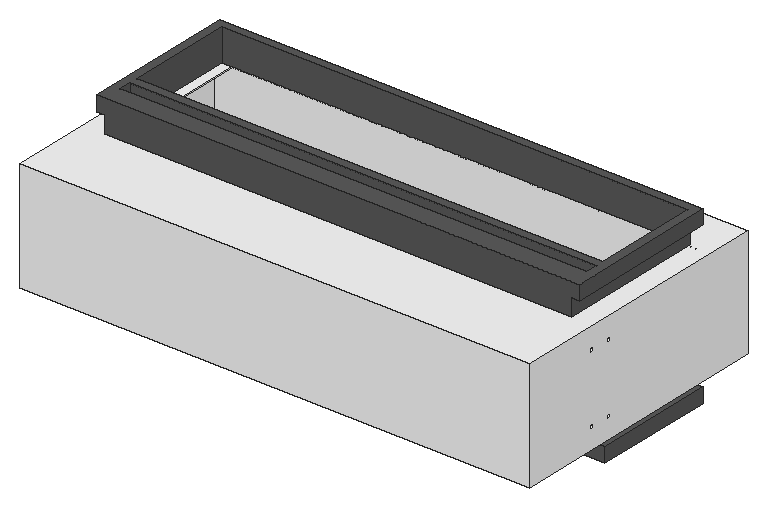
Revit family "C Series - C720STIO - Front Intake", category Generic Models, host Face, Revit 2019
Family settings
  Host = Face
  Can host rebar = No
  Round Connector Dimension = Use Diameter
  Part Type = Normal
  Cut with Voids When Loaded = Yes
  Shared = Yes
  Room Calculation Point = No
Parameters (values of type "As Specified")
  URL = "https://www.montigo.com/"
  Top Offset Right = 0"
  Top Offset Left = 0"
  Manufacturer Website = "https://www.montigo.com/"
  Manufacturer Phone - Toll Free = "800-378-3115"
  Manufacturer Phone = ""
  Manufacturer Fax = ""
  Manufacturer Address = "27342 Gloucester Way  Langley, BC, Canada   V4W 4A1"
  Manufacturer = "Montigo"
  Length = 96 3/16"
  Intake Duct Offset = 6"
  Height = 51 113/256"
  HVAC_Exit Diameter = 8"
  HVAC_Entry Diameter = 7"
  HVAC_BTU Output = 0.0 Btu/h
  HVAC_BTU Input = 0.0 Btu/h
  Glazing Tint = Glass - Montigo - Tint as Specified
  Frame Material = Metal - Montigo - Black
  Firebox Material = Metal - Montigo - White
  Fire Place Opening Length = 43"
  Fire Place Opening = 29"
  Description = "Montigo Fireplace as Specified"
  Depth = 20 225/256"
  Default Elevation = 48"
  COOLPack Consumption = 1200 CFM
  Base Offset Right = 9"
  Base Offset Left = 9"
  Base Offset = 1"
  Base Height = 15"
  Assembly Code = "D3020"
Reference planes (in)
  plane 1 "Center (Front/Back)": y = 0
  plane 2: z = 0
  plane 3 "Center (Left/Right)": x = 0
  plane 4: x = -48.09375
  plane 5: x = 48.09375
  plane 6: y = 25.7207
  plane 7: y = -25.7207
  plane 8: y = -10.7207
  plane 9: z = 0
  plane 10: z = -20.87891
  plane 11: z = -10.43945
  plane 12: x = -45.5
  plane 13: x = 45.5
  plane 14: y = 18.2793
Forms (in)
  Extrusion 1, solid, material "Metal - Montigo - White" <- "Firebox Material"
    sketch origin (-60.41868, -180, 0) x (-1, 0, 0) y (0, -1, 0)
      loop
        line (-12.32493, -205.7207) -> (-12.32493, -154.2793) -> (-108.51243, -154.2793) -> (-108.51243, -205.7207) -> (-12.32493, -205.7207)
    from 0 to -20.87891
  Extrusion 2, solid, material "Metal - Montigo - Black" <- "Frame Material"
    sketch origin (-60.41868, -180, 0) x (-1, 0, 0) y (0, -1, 0)
      loop
        line (-14.91868, -198.2793) -> (-14.91868, -169.2793) -> (-105.91868, -169.2793) -> (-105.91868, -198.2793) -> (-14.91868, -198.2793)
    from 0 to 6
  Sweep 3, void
    path in 3D
      loop
        line (45.5, -10.7207, 6) -> (45.5, 18.2793, 6) -> (-45.5, 18.2793, 6) -> (-45.5, -10.7207, 6)
    profile origin (45.5, 3.7793, 6) x (-1, 0, 0) y (0, 0, 1)
      loop
        line (0, -6) -> (1.375, -6) -> (1.375, -2.75) -> (0, -2.75) -> (0, -6)
  Extrusion 4, void
    sketch origin (-60.41868, -180, 0) x (0, -1, 0) y (-1, 0, 0)
      loop
        line (-196.7168, -14.91868) -> (-196.7168, -105.91868) -> (-176.7168, -105.91868) -> (-176.7168, -14.91868) -> (-196.7168, -14.91868)
    from 0.125 to 20.75
  Extrusion 5, void
    sketch origin (-60.41868, -180, 0) x (0, -1, 0) y (-1, 0, 0)
      loop
        line (-196.7168, -16.41868) -> (-196.7168, -104.41868) -> (-176.7168, -104.41868) -> (-176.7168, -16.41868) -> (-196.7168, -16.41868)
    from -6 to 0
  Extrusion 6, void
    sketch origin (-60.41868, -180, 0) x (0, -1, 0) y (-1, 0, 0)
      loop
        line (-196.7168, -18.41868) -> (-196.7168, -102.41868) -> (-176.7168, -102.41868) -> (-176.7168, -18.41868) -> (-196.7168, -18.41868)
    from -1 to 1
  Extrusion 7, void
    sketch origin (-60.41868, -180, 0) x (0, -1, 0) y (-1, 0, 0)
      loop
        line (-175.2168, -16.41868) -> (-175.2168, -104.41868) -> (-172.8418, -104.41868) -> (-172.8418, -16.41868) -> (-175.2168, -16.41868)
    from -6 to -3.25
  Extrusion 8, void
    sketch origin (0, -1.69589, -0.88973) x (0, 1, 0) y (0, 0, 1)
      loop
        circle (-9.46231, -16.05168) r 0.4375
      loop
        circle (-5.46231, -16.05168) r 0.4375
      loop
        circle (-9.46231, -3.05168) r 0.4375
      loop
        circle (-5.46231, -3.05168) r 0.4375
    from 48.09375 to 47.46962
  Extrusion 9, solid, material "Metal - Montigo - Black" <- "Frame Material"
    sketch origin (-60.41868, -180, -20.87891) x (0, 1, 0) y (1, 0, 0)
      loop
        line (198.2793, 14.91868) -> (198.2793, 105.91868) -> (175.2793, 105.91868) -> (175.2793, 14.91868) -> (198.2793, 14.91868)
    from 0 to 6
  Sweep 10, void
    path in 3D
      loop
        line (45.5, -10.7207, -26.87891) -> (45.5, 18.2793, -26.87891) -> (-45.5, 18.2793, -26.87891) -> (-45.5, -10.7207, -26.87891)
    profile origin (45.5, 3.7793, -26.87891) x (1, 0, 0) y (0, 0, -1)
      loop
        line (0, -6) -> (0, -2.75) -> (-1.375, -2.75) -> (-1.375, -6) -> (0, -6)
  Extrusion 11, void
    sketch origin (-60.41868, -180, -20.87891) x (1, 0, 0) y (0, 1, 0)
      loop
        line (16.41868, 196.7168) -> (16.41868, 176.7168) -> (104.41868, 176.7168) -> (104.41868, 196.7168) -> (16.41868, 196.7168)
    from -6 to 0
  Extrusion 12, void
    sketch origin (-60.41868, -180, -20.87891) x (1, 0, 0) y (0, 1, 0)
      loop
        line (18.41868, 196.7168) -> (18.41868, 176.7168) -> (102.41868, 176.7168) -> (102.41868, 196.7168) -> (18.41868, 196.7168)
    from -1 to 1
Cuts and joins
  Sweep 3, Extrusion 4, Extrusion 5, Extrusion 7, Sweep 10, Extrusion 11, Extrusion 12 cuts Extrusion 2
  Extrusion 4, Extrusion 5, Extrusion 6, Extrusion 7, Extrusion 8, Sweep 10, Extrusion 11, Extrusion 12 cuts Extrusion 1
  Sweep 10, Extrusion 11 cuts Extrusion 9
Lines and regions (in)
  symbolic lines
    curve 1: line (44.125, 53.21644, 0) -> (44.125, 49.96644, 0)
    curve 2: line (44.125, 49.96644, 0) -> (45.5, 49.96644, 0)
    curve 6: line (-44, -7.1582, 0) -> (44, -7.1582, 0)
    curve 7: line (44, -4.7832, 0) -> (-44, -4.7832, 0)
    curve 8: line (-44, -4.7832, 0) -> (-44, -7.1582, 0)
    curve 9: line (44, -4.7832, 0) -> (44, -7.1582, 0)
    curve 10: line (44, 16.7168, 0) -> (44, -3.2832, 0)
    curve 11: line (-44, -3.2832, 0) -> (-44, 16.7168, 0)
  sketch lines
    curve 3: line (45.5, -10.7207, 6) -> (45.5, 18.2793, 6)
    curve 4: line (45.5, 18.2793, 6) -> (-45.5, 18.2793, 6)
    curve 5: line (-45.5, 18.2793, 6) -> (-45.5, -10.7207, 6)
    curve 12: line (45.5, -10.7207, -26.87891) -> (45.5, 18.2793, -26.87891)
    curve 13: line (45.5, 18.2793, -26.87891) -> (-45.5, 18.2793, -26.87891)
    curve 14: line (-45.5, 18.2793, -26.87891) -> (-45.5, -10.7207, -26.87891)
Dimensions and locks (in)
  equal spacing: plane 4, plane 3 "Center (Left/Right)", plane 5
  "Length": plane 4 to plane 5
  equal spacing: plane 7, plane 1 "Center (Front/Back)", plane 6
  "Height": plane 7 to plane 6
  "Base Height": plane 7 to plane 8
  "Depth": plane 9 to plane 10
  equal spacing: plane 9, plane 11, plane 10
  locked: plane 4 to plane 12 at 2.59375
  locked: plane 13 to plane 5 at 2.59375
  "Fire Place Opening": plane 8 to plane 14
  locked: Extrusion 4 sketch curve to plane 8 at 7.4375
  locked: Extrusion 4 sketch curve to plane 14 at 1.5625
  locked: plane 8 to cut or joined group 1 (Extrusion 1, Extrusion 4, Extrusion 5, Extrusion 6, Extrusion 7, Extrusion 8, Sweep 10, Extrusion 11, Extrusion 12) at 7.4375
  locked: cut or joined group 1 to plane 14 at 1.5625
  locked: plane 12 to Extrusion 5 sketch curve at 1.5
  locked: Extrusion 5 sketch curve to plane 13 at 1.5
  locked: plane 12 to Extrusion 6 sketch curve at 3.5
  locked: Extrusion 6 sketch curve to plane 13 at 3.5
  locked: Extrusion 6 sketch curve to plane 14 at 1.5625
  locked: Extrusion 6 sketch curve to plane 8 at 7.4375
  locked: plane 12 to Extrusion 7 sketch curve at 1.5
  locked: Extrusion 7 sketch curve to plane 13 at 1.5
  locked: plane 8 to Extrusion 7 sketch curve at 5.9375
  locked: plane 8 to Extrusion 7 sketch curve at 3.5625
  locked: cut or joined group 1 to plane 5 at 0.62413
  aligned and locked: plane 2 to host face
  aligned and locked: level to host face
  aligned and locked: plane 6 to Extrusion 1 sketch curve
  aligned and locked: Extrusion 1 to plane 10
  aligned and locked: plane 5 to Extrusion 1
  aligned and locked: Extrusion 1 sketch curve to plane 7
  aligned and locked: plane 9 to level
  aligned and locked: plane 14 to Extrusion 2 sketch curve
  aligned and locked: plane 12 to Extrusion 2 sketch curve
  aligned and locked: Extrusion 2 sketch curve to plane 8
  aligned and locked: plane 13 to Extrusion 2 sketch curve
  aligned and locked: Extrusion 2 to level
  aligned and locked: plane 12 to Extrusion 4 sketch curve
  aligned and locked: plane 13 to Extrusion 4 sketch curve
  aligned and locked: Extrusion 2 to Extrusion 5
  aligned and locked: Extrusion 5 to level
  aligned and locked: Extrusion 2 to Extrusion 7
  aligned and locked: Extrusion 7 to Sweep 3
  aligned and locked: Extrusion 8 to cut or joined group 1
Automatic sketch dimensions
  host sketch curve to host sketch curve = 96"  (x2)
  Extrusion 1 sketch curve to plane 5 = 0"
  Extrusion 1 sketch curve to plane 4 = 0"
  curve 2 to plane 13 = 0"
  plane 13 to curve 2 = 1 3/8"
  plane 13 to curve 6 = 1 1/2"
  plane 12 to curve 8 = 1 1/2"
  curve 2 to plane 6 = 24.24574"
  plane 1 "Center (Front/Back)" to curve 7 = 4.7832"
  curve 7 to curve 8 = 2 3/8"
  plane 13 to curve 10 = 1 1/2"
  curve 11 to curve 7 = 0"
  curve 1 to curve 1 = 3 1/4"
  plane 14 to curve 10 = 1 9/16"
  plane 14 to curve 11 = 1 9/16"
  curve 11 to curve 7 = 1 1/2"
  curve 10 to curve 7 = 1 1/2"
  Sweep 3 sketch curve to profile plane = 0"
  Sweep 3 sketch curve to profile plane = 1 3/8"
  Sweep 3 sketch curve to profile plane = 6"
  Sweep 3 sketch curve to profile plane = 2 3/4"
  plane 14 to Extrusion 5 sketch curve = 1 9/16"
  plane 1 "Center (Front/Back)" to Extrusion 5 sketch curve = 3.2832"
  plane 8 to Extrusion 8 sketch curve = 7/16"  (x2)
  Extrusion 8 sketch curve to plane 8 = 3 9/16"  (x2)
  plane 10 to Extrusion 8 sketch curve = 3 15/16"  (x2)
  Extrusion 8 sketch curve to level = 3 241/256"  (x2)
  Extrusion 9 sketch curve to plane 12 = 0"
  Extrusion 9 sketch curve to plane 13 = 0"
  plane 14 to Extrusion 9 sketch curve = 0"
  plane 1 "Center (Front/Back)" to Extrusion 9 sketch curve = 4.7207"
  profile plane to Sweep 10 sketch curve = 0"
  Sweep 10 sketch curve to Sweep 10 sketch curve = 1 3/8"
  Sweep 10 sketch curve to profile plane = 6"
  Sweep 10 sketch curve to profile plane = 2 3/4"
  plane 12 to Extrusion 11 sketch curve = 1 1/2"
  plane 13 to Extrusion 11 sketch curve = 1 1/2"
  plane 1 "Center (Front/Back)" to Extrusion 11 sketch curve = 3.2832"
  plane 14 to Extrusion 11 sketch curve = 1 9/16"
  plane 12 to Extrusion 12 sketch curve = 3 1/2"
  plane 13 to Extrusion 12 sketch curve = 3 1/2"
  plane 1 "Center (Front/Back)" to Extrusion 12 sketch curve = 3.2832"
  plane 14 to Extrusion 12 sketch curve = 1 9/16"
  radius of Extrusion 8 sketch curve = 7/16"  (x4)
